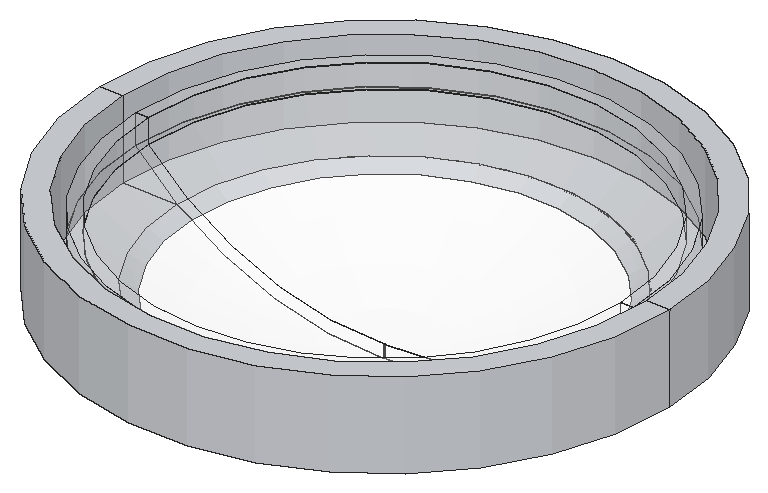
Revit family
Parameters (values of type "Ceiling - Round")
  Wattage = 12.1178 W
  built-in parameter 1150110 = 1 (stored number, unit not read)
  built-in parameter 1114217 = 1 (stored number, unit not read)
  built-in parameter 1150109 = 1 (stored number, unit not read)
  built-in parameter 1150134 = 3
  built-in parameter 1150113 = 1 (stored number, unit not read)
  Material Shade = Glass - White, High Luminance
  Material Fitting = Metal - Paint Finish - Dark Gray, Matte
  built-in parameter 1150105 = 143.24 (stored number, unit not read)
  Lumens = 1800 lm
  built-in parameter 1150115 = 1 (stored number, unit not read)
  Light Source Symbol Size = 609.60 mm
  built-in parameter 1150137 = (empty or 0)
  built-in parameter 1150139 = (empty or 0)
  built-in parameter 1150112 = 1 (stored number, unit not read)
  built-in parameter 1150114 = 1 (stored number, unit not read)
  Keynote = "V"
  built-in parameter 1150132 = 2
  built-in parameter 1150102 = (empty or 0)
  built-in parameter 1150107 = 3200 (stored number, unit not read)
  built-in parameter 1150138 = (empty or 0)
  built-in parameter 1150106 = 1.4324 (stored number, unit not read)
  built-in parameter 1150104 = 13.8 (stored number, unit not read)
  Dimming Lamp Color Temperature Shift = (empty or 0)
  Color Filter = 16777215
  built-in parameter 1114218 = 1 (stored number, unit not read)
  built-in parameter 1150133 = 10 (stored number, unit not read)
  Assembly Code = ""
Reference planes
  plane 1 "Center (Front/Back)": y = 0
  plane 2 "Ceiling": z = 2438.4
  plane 3 "Center (Left/Right)": x = 0
  plane 4 "Light Source Elevation": z = 2387.6
  plane 5: x = -76.2
  plane 6: x = -127
  plane 7: z = 2324.1
  plane 8: z = 2413
Forms (mm)
  Revolve 1, solid, material "Glass - White, High Luminance" <- "Material Shade"
    sketch origin (0, 0, 0) x (0, 0, -1) y (1, 0, 0)
      loop
        arc (-2452.6, -95) -> (-2422.41, -51.932) -> (-2412.993, -0.186) r 122.872
        line (-2412.993, -0.186) -> (-2417.997, -0.186)
        arc (-2417.997, -0.186) -> (-2426.621, -49.029) -> (-2454.573, -90) r 117.872
        line (-2454.573, -90) -> (-2463.8, -90) -> (-2463.8, -95) -> (-2452.6, -95)
      axis (-2463.8, 0) -> (-2412.993, 0)
    angle from 0 to 360
  Extrusion 2, void
    sketch origin (0, 0, 2438.4) x (1, 0, 0) y (0, 1, 0)
      loop
        circle (0, 0) r 95
      loop
        circle (0, 0) r 100
    from 25.4 to 0
  Revolve 3, solid
    sketch origin (0, 0, 2452.6) x (0, 0, 1) y (1, 0, 0)
      loop
        line (-14.611, 79.288) -> (-14.611, 99.954) -> (15.389, 99.954) -> (15.389, 108.774) -> (-17.795, 108.774) -> (-17.795, 73.774) -> (-14.611, 79.288)
      axis (15.389, 0) -> (-17.795, 0)
    angle from 0 to 360
Lines and regions (mm)
  sketch lines
    curve 1: line (-1524, 1524, 0) -> (1524, 1524, 0)
    curve 2: line (-1524, 1524, 0) -> (-1524, -1524, 0)
    curve 3: line (-1524, -1524, 0) -> (1524, -1524, 0)
    curve 4: line (1524, 1524, 0) -> (1524, -1524, 0)
  model lines
    curve 5: arc (-73.025, 0, 2438.4) -> (0, 73.025, 2438.4) -> (73.025, 0, 2438.4) r 73.025
    curve 6: arc (73.025, 0, 2438.4) -> (0, -73.025, 2438.4) -> (-73.025, 0, 2438.4) r 73.025
Dimensions and locks
  equal spacing: curve 2, plane 3 "Center (Left/Right)", curve 4
  equal spacing: curve 3, plane 1 "Center (Front/Back)", curve 1
  curve 2 to curve 4 = 3048.00 mm
  curve 3 to curve 1 = 3048.00 mm
  plane 2 "Ceiling" to plane 7 = 114.30 mm
  plane 6 to plane 3 "Center (Left/Right)" = 127.00 mm
  aligned and locked: plane 2 "Ceiling" to Extrusion 2
  aligned and locked: plane 1 "Center (Front/Back)" to imposter light
Automatic sketch dimensions
  curve 5 to plane 3 "Center (Left/Right)" = 0.00 mm
  curve 6 to plane 3 "Center (Left/Right)" = 73.025 mm
  Revolve 1 sketch curve to Revolve 1 sketch curve = 0.00 mm  (x2)
  Revolve 1 sketch curve to plane 3 "Center (Left/Right)" = 0.00 mm
  Revolve 1 sketch curve to plane 3 "Center (Left/Right)" = 4.571 mm
  plane 2 "Ceiling" to Revolve 1 sketch curve = 97.387 mm
  plane 2 "Ceiling" to Revolve 1 sketch curve = 25.40 mm  (x2)
  Revolve 1 sketch curve to Revolve 1 sketch curve = 9.227 mm
  Revolve 1 sketch curve to Revolve 1 sketch curve = 1.973 mm
  Revolve 1 sketch curve to plane 3 "Center (Left/Right)" = 0.186 mm
  Revolve 1 sketch curve to plane 8 = 4.997 mm
  plane 8 to Revolve 1 sketch curve = 0.007 mm
  plane 7 to Revolve 1 sketch curve = 25.40 mm
  Extrusion 2 sketch curve to Extrusion 2 sketch curve = 0.00 mm  (x12)
  Extrusion 2 sketch curve to plane 1 "Center (Front/Back)" = 0.00 mm
  Extrusion 2 sketch curve to plane 3 "Center (Left/Right)" = 0.00 mm
  Extrusion 2 sketch curve to plane 3 "Center (Left/Right)" = 95.00 mm
  Extrusion 2 sketch curve to Extrusion 2 sketch curve = 5.00 mm
  Revolve 3 sketch curve to plane 3 "Center (Left/Right)" = 0.00 mm
  plane 4 "Light Source Elevation" to Revolve 3 sketch curve = 9.20 mm
  Revolve 3 sketch curve to plane 2 "Ceiling" = 3.595 mm
  Revolve 3 sketch curve to plane 2 "Ceiling" = 0.411 mm
  plane 2 "Ceiling" to Revolve 3 sketch curve = 29.589 mm
  plane 2 "Ceiling" to Revolve 3 sketch curve = 35.00 mm
  plane 3 "Center (Left/Right)" to Revolve 3 sketch curve = 73.774 mm
  Revolve 3 sketch curve to Revolve 3 sketch curve = 5.514 mm
  Revolve 3 sketch curve to Revolve 3 sketch curve = 20.666 mm
  Revolve 3 sketch curve to Revolve 3 sketch curve = 8.82 mm
  curve 5 to plane 1 "Center (Front/Back)" = 0.00 mm
